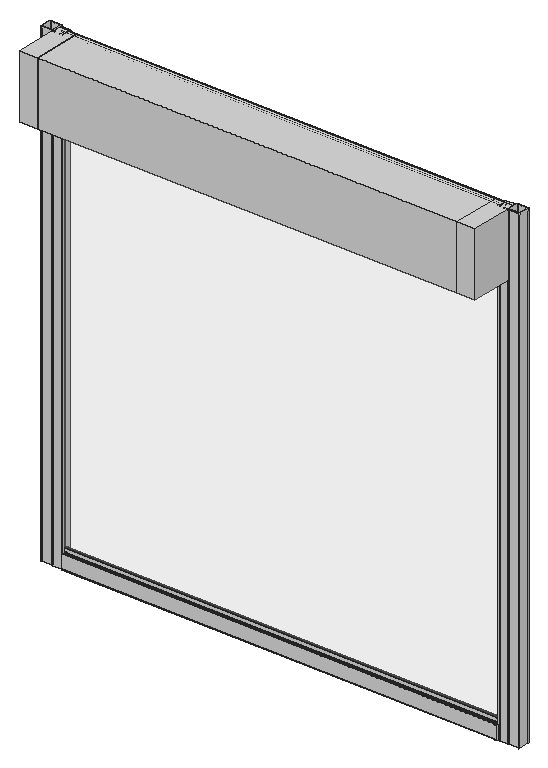
Revit family "Door-Sentry-Gate_BetweenJambMount_Cookson", category Doors, host Wall, Revit 2013
Parameters (values of type "Push-Up Operated, Aluminium (Mill Finish)")
  Revit Object Download Link = "http://cornellcookson.smartbim.com/Door-Sentry-Gate_BetweenJambMount_Cookson"
  Push Up = yes
  Product Options = "SG3 model ESG20, when countertop or compact components are desired. Black or white matte curtain components."  # constant formula
  Operator Width = Width + 0' 1 1/2" * 2  # 10' - 3"
  Mounting = "Between Jambs"  # constant formula
  Motor = no
  Hand Crank = no
  URL Specifications = "http://www.cooksondoor.com/docs/default-source/Specifications/sentrygate-4-specification_k.doc"
  URL Photographs = "www.cooksondoor.com/product/extreme-sentrygate-grille"
  URL CAD = "www.cooksondoor.com/architect-tools-and-resources/drawing-generator?prod=sentrygate"
  URL = "www.cooksondoor.com/product/extreme-sentrygate-grille"
  Subcategory = "Roll Up"  # constant formula
  Sizing Disclaimer = "Openings up to 21’ wide x 10’ high standard construction. Smaller / countertop SentryGate 3 model also available."  # constant formula
  Function = Interior
  Curtain - Rods 2" OC Standard = "Injection molded components with continuous metal rods spaced every two inches."  # constant formula
  Bottom Bar = Aluminum, mill finish (non curtain components)
  Guides = Aluminum, mill finish (non curtain components)
  Hood = Aluminum, mill finish (non curtain components)
  Optional aluminum, color anodized finish = no
  Operator = Operator : Push-UP
  Representatives Disclaimer = "Cookson products are sold and installed through a nationwide network of independent distributors"  # constant formula
  Operation = ""
  From Coil Side Operate on Right = yes
  From Coil Side Operate on Left = not(From Coil Side Operate on Right)  # no
  Model = "ESG21"  # constant formula
  Manufacturer = "CornellCookson,Inc."  # constant formula
  LEED Information = "http://www.cooksondoor.com/architect-tools-and-resources/leed-information"
  Height = 10' - 0"
  Wall Closure = By host
  Width = 10' - 0"
  Distributor Locator = "http://www.cooksondoor.com/find-a-dealer"
  Description = "Grille product with unique, injection molded components and continuous metal rods"  # constant formula
  Wall Construction = "Self supporting tubes, Masonry, Steel or Wood"  # constant formula
  Coil Dimension Note = "11In to 14In - Consult Cookson when dimensions are critical."  # constant formula
  Crank Height = Height / 1.5  # 6' - 8"
  Assembly Code = "B2030410"
  95 CSI = "08330"  # constant formula
  Jamb Dimension Note = "5 1/2In to 6 1/2In wide. Consult Cookson when dimensions are critical."  # constant formula
  04 CSI = "08 33 00"  # constant formula
  Cost Note = "Based on size, materials selected. Consult Cookson"  # constant formula
Types (6): name | Push Up | Motor | Hand Crank | Bottom Bar | Guides | Hood | Operator | From Coil Side Operate on Right | From Coil Side Operate on Left
  Motor Operated, Aluminium (Anodized Finish) | no | yes | no | Aluminum, anodized finish (non-curtain components) | Aluminum, anodized finish (non-curtain components) | Aluminum, anodized finish (non-curtain components) | Operator : Motor Operated | yes | no
  Hand-Crank Operated, Aluminium (Anodized Finish) | no | no | yes | Aluminum, anodized finish (non-curtain components) | Aluminum, anodized finish (non-curtain components) | Aluminum, anodized finish (non-curtain components) | Operator : Hand-Crank | yes | no
  Push-Up Operated, Aluminium (Anodized Finish) | yes | no | no | Aluminum, anodized finish (non-curtain components) | Aluminum, anodized finish (non-curtain components) | Aluminum, anodized finish (non-curtain components) | Operator : Push-UP | yes | no
  Hand-Crank Operated, Aluminium (Mill Finish) | no | no | yes | Aluminum, mill finish (non curtain components) | Aluminum, mill finish (non curtain components) | Aluminum, mill finish (non curtain components) | Operator : Hand-Crank | no | yes
  Motor Operated, Aluminium (Mill Finish) | no | yes | no | Aluminum, mill finish (non curtain components) | Aluminum, mill finish (non curtain components) | Aluminum, mill finish (non curtain components) | Operator : Motor Operated | yes | no
  Push-Up Operated, Aluminium (Mill Finish) | yes | no | no | Aluminum, mill finish (non curtain components) | Aluminum, mill finish (non curtain components) | Aluminum, mill finish (non curtain components) | Operator : Push-UP | yes | no
Reference planes (in)
  plane 1 "Center (Front/Back)": y = 0
  plane 2 "Center (Left/Right)": x = 36
  plane 3 "Left": x = -24
  plane 4 "Right": x = 96
  plane 5 "Top": z = 120
  plane 6 "Wall Edge": y = -4.5
  plane 7: y = -4.5
  plane 8 "Top of Hood": z = 142.35156
  plane 9: z = 125
  plane 10 "Bottom Bar Alignment": y = -11.3765
  plane 11: z = 4.74985
  plane 12: x = -18.86
  plane 13: x = 90.85937
  plane 14: z = 4.75
  plane 15: z = 110.43656
  plane 16: y = -3.8755
  plane 17: z = 102
  plane 18: y = 3.5
Forms (in)
  Extrusion 1, solid, material "Aluminum, mill finish (non curtain components)" <- "Hood"
    sketch origin (0, 21.81732, 245.99245) x (1, 0, 0) y (0, 1, 0)
      loop
        line (-18.5, -19.44232) -> (90.5, -19.44232) -> (90.5, -19.31732) -> (-18.5, -19.31732) -> (-18.5, -19.44232)
    from -143.99245 to -125.99245
  Extrusion 2, solid, material "Aluminum, anodized finish (curtain only)"
    sketch origin (0, 5, 0) x (1, 0, 0) y (0, 1, 0)
      loop
        line (-18.86, -3.56029) -> (-18.86, -4.18529) -> (90.85937, -4.18529) -> (90.85937, -3.56029) -> (-18.86, -3.56029)
    from 4.74985 to 120
  Sweep 3, solid, material "Aluminum, mill finish (non curtain components)" <- "Bottom Bar"
    path origin (0, 0, 0) x (1, 0, 0) y (0, 1, 0)
      loop
        line (-18.5, 0.50171) -> (90.5, 0.50171)
    profile "Profile_BottomBar : Profile_BottomBar" origin (36, 0.50171, 0) x (0, 1, 0) y (0, 0, 1)
      loop
        line (1.24755, 3.5) -> (1.24755, 3.594) -> (1.13855, 3.594) -> (1.13855, 4.484)
        arc (1.13855, 4.484) -> (1.13127, 4.54582) -> (1.10981, 4.60425) r 0.266
        arc (1.10981, 4.60425) -> (1.0677, 4.66476) -> (1.0106, 4.71137) r 0.266
        arc (1.0106, 4.71137) -> (0.96199, 4.73451) -> (0.90972, 4.74739) r 0.266
        arc (0.90972, 4.74739) -> (0.83701, 4.74762) -> (0.76696, 4.72814) r 0.266
        arc (0.76696, 4.72814) -> (0.70918, 4.69392) -> (0.66182, 4.64632) r 0.266
        arc (0.66182, 4.64632) -> (0.62075, 4.56974) -> (0.60655, 4.484) r 0.266
        line (0.60655, 4.484) -> (0.60655, 3.594) -> (0.49755, 3.594) -> (0.49755, 3.5) -> (0.46655, 3.5) -> (0.46655, 3.625) -> (0.57555, 3.625) -> (0.57555, 3.688) -> (0.40355, 3.688)
        arc (0.40355, 3.688) -> (0.35971, 3.66984) -> (0.34155, 3.626) r 0.062
        line (0.34155, 3.626) -> (0.34155, 3.562)
        arc (0.34155, 3.562) -> (0.32339, 3.51816) -> (0.27955, 3.5) r 0.062
        line (0.27955, 3.5) -> (-0.06545, 3.5)
        arc (-0.06545, 3.5) -> (-0.10929, 3.48184) -> (-0.12745, 3.438) r 0.062
        line (-0.12745, 3.438) -> (-0.12745, 0.062)
        arc (-0.12745, 0.062) -> (-0.10929, 0.01816) -> (-0.06545, 0) r 0.062
        line (-0.06545, 0) -> (1.81055, 0)
        arc (1.81055, 0) -> (1.85439, 0.01816) -> (1.87255, 0.062) r 0.062
        line (1.87255, 0.062) -> (1.87255, 3.438)
        arc (1.87255, 3.438) -> (1.85439, 3.48184) -> (1.81055, 3.5) r 0.062
        line (1.81055, 3.5) -> (1.46555, 3.5)
        arc (1.46555, 3.5) -> (1.42171, 3.51816) -> (1.40355, 3.562) r 0.062
        line (1.40355, 3.562) -> (1.40355, 3.626)
        arc (1.40355, 3.626) -> (1.38539, 3.66984) -> (1.34155, 3.688) r 0.062
        line (1.34155, 3.688) -> (1.16955, 3.688) -> (1.16955, 3.625) -> (1.27855, 3.625) -> (1.27855, 3.5) -> (1.24755, 3.5)
Lines and regions (in)
  Opening 1
    outline origin (-90, -4.5, 0) x (1, 0, 0) y (0, 0, 1)
      loop
        line (66, 0) -> (186, 0) -> (186, 120) -> (66, 120) -> (66, 0)
  symbolic lines, style "Roller Chamber"
    curve 1: line (91.5, 0.50171, 0) -> (96, 0.50171, 0)
    curve 2: line (-24, 0.50171, 0) -> (-21, 0.50171, 0)
  symbolic lines, style "Doors"
    curve 3: line (90.85937, 1.43971, 0) -> (-18.86, 1.43971, 0)
    curve 4: line (-18.86, 1.43971, 0) -> (-18.86, 0.81471, 0)
    curve 5: line (-18.86, 0.81471, 0) -> (90.85937, 0.81471, 0)
    curve 6: line (90.85937, 0.81471, 0) -> (90.85937, 1.43971, 0)
    curve 7: line (-18.5, 0.37426, 0) -> (90.5, 0.37426, 0)
    curve 8: line (-18.5, 2.375, 0) -> (-18.5, 1.43971, 0)
    curve 9: line (90.5, 2.375, 0) -> (-18.5, 2.375, 0)
    curve 10: line (90.5, 0.37426, 0) -> (90.5, 0.81471, 0)
    curve 11: line (-18.5, 0.81471, 0) -> (-18.5, 0.37426, 0)
    curve 12: line (90.5, 1.43971, 0) -> (90.5, 2.375, 0)
Text (in)
  text "Exterior" at (-39.96733, 27.31104, 0), in view "Ref. Level"
  text "Interior" at (-39.96733, -25.14366, 0), in view "Ref. Level"
  text "Exterior" at (0, 40.15149, 123.01588), in view "Right"
  text "Interior" at (0, -64.39139, 123.01588), in view "Right"
  text "Interior" at (0, -63.63426, 123.00693), in view "Left"
  text "Exterior" at (0, 54.57065, 123.00693), in view "Left"
Dimensions and locks (in)
  equal spacing: plane 3 "Left", plane 2 "Center (Left/Right)", plane 4 "Right"
  "Height": level to plane 5 "Top"
  locked: plane 7 to plane 6 "Wall Edge"
  locked: plane 9 to plane 5 "Top" at 5
  locked: plane 8 "Top of Hood" to plane 9 at 17.35156
  plane 10 "Bottom Bar Alignment" to plane 7 = 0' - 6.8765"
  locked: level to plane 11 at 4.74985
  locked: plane 3 "Left" to plane 12 at 5.14
  locked: plane 13 to plane 4 "Right" at 5.14063
  locked: level to plane 14 at 4.75
  locked: plane 5 "Top" to plane 15 at 9.56344
  "Width": plane 3 "Left" to plane 4 "Right"
  locked: plane 17 to plane 5 "Top" at 18
  locked: Extrusion 1 sketch curve to Extrusion 1 sketch curve at 0.125
  locked: Extrusion 1 to Extrusion 1 at 0.125
  locked: Extrusion 2 sketch curve to Extrusion 2 sketch curve at 0.625
  plane 1 "Center (Front/Back)" to nested 3 = 0' - 0.50171"
  locked: Extrusion 1 sketch curve to nested 1 at 0.56637
  aligned and locked: plane 3 "Left" to Opening 1 sketch curve
  aligned and locked: plane 5 "Top" to Opening 1 sketch curve  (x2)
  aligned and locked: Opening 1 sketch curve to plane 4 "Right"
  aligned and locked: Opening 1 sketch curve to level
  aligned and locked: plane 6 "Wall Edge" to host wall
  aligned: host wall to curve 1
  aligned and locked: plane 12 to nested 1
  aligned and locked: nested 2 to nested 1
  aligned and locked: nested 2 to plane 4 "Right"
  aligned and locked: plane 4 "Right" to curve 1
  aligned and locked: plane 18 to host wall
  aligned and locked: plane 18 to nested 1
  aligned and locked: Extrusion 2 sketch curve to nested 1
  aligned and locked: plane 12 to Extrusion 2 sketch curve
  aligned and locked: Extrusion 2 sketch curve to plane 13
  aligned and locked: nested 1 to Extrusion 1 sketch curve
  aligned and locked: nested 2 to Extrusion 1 sketch curve
  aligned and locked: nested 3 to curve 2
  aligned and locked: nested 3 to curve 1
  aligned and locked: nested 3 to nested 1
  aligned and locked: nested 3 to Sweep 3 sketch curve
  aligned and locked: Sweep 3 sketch curve to nested 2
  aligned and locked: Sweep 3 sketch curve to nested 1
  aligned and locked: plane 17 to Extrusion 1
  aligned and locked: Extrusion 1 to plane 5 "Top"
  aligned and locked: Extrusion 2 to plane 5 "Top"
  aligned and locked: plane 11 to Extrusion 2
  aligned and locked: nested 1 to level
  aligned and locked: level to nested 2
  aligned and locked: nested 3 to plane 5 "Top"
  aligned and locked: plane 2 "Center (Left/Right)" to nested 3
  aligned and locked: curve 3 to Extrusion 2
  aligned and locked: curve 4 to Extrusion 2
  aligned and locked: curve 5 to Extrusion 2
  aligned and locked: curve 6 to Extrusion 2
  aligned and locked: curve 7 to Sweep 3
  aligned and locked: curve 8 to Sweep 3
  aligned and locked: curve 9 to Extrusion 1
  aligned and locked: curve 10 to Extrusion 1
Automatic sketch dimensions
  curve 5 to plane 12 = 0' - 0"
  curve 5 to plane 13 = 0' - 0"
  curve 2 to plane 3 "Left" = 0' - 0"
  plane 12 to curve 2 = 0' - 2.14"
  curve 7 to curve 6 = 0' - 0.44045"
  curve 5 to curve 6 = 0' - 0 5/8"
  curve 11 to plane 1 "Center (Front/Back)" = 0' - 0.81471"
  curve 11 to plane 12 = 0' - 0.36"
  curve 8 to plane 1 "Center (Front/Back)" = 0' - 1.43971"
  curve 12 to plane 1 "Center (Front/Back)" = 0' - 1.43971"
  curve 12 to plane 13 = 0' - 0 23/64"
  curve 10 to plane 1 "Center (Front/Back)" = 0' - 0.81471"
Nested families (in)
  nested 1: "Jamb_Guide-Wall" at (-21.75, 3.37671, 0), type "Guide"
  nested 2: "Jamb_Guide-Wall" at (93.75, 3.37671, 0) x (-1, 0, 0) z (0, 0, 1), type "Guide"
  nested 3: "Operator" at (36, -6.12329, -7.49623), type <- "Operator", type "Push-UP"
Definition of nested family "Jamb_Guide-Wall"
  Parameters (values of type "Guide")
    Height = 10' - 0"
    Guide = Aluminum, mill finish (non curtain components)
    Assembly Code = ""
  Reference planes (in)
    plane 1 "Center (Front/Back)": y = 0
    plane 2: z = 0
    plane 3 "Center (Left/Right)": x = 0
    plane 4: z = 120
    plane 5: x = -2.25
    plane 6: y = -2.875
    plane 7: x = 3.25
    plane 8: y = -1.4375
  Forms (in)
    Extrusion 1, solid, material "Aluminum, mill finish (non curtain components)" <- "Guide"
      sketch origin (0, 0, 0) x (1, 0, 0) y (0, 1, 0)
        loop
          line (0.75, -2.875) -> (3.125, -2.875) -> (3.25, -2.813) -> (3.25, -2.562) -> (2.75, -2.562) -> (2.75, -2.766) -> (0.938, -2.766) -> (0.938, -1.73335) -> (2.75, -1.73335) -> (2.75, -1.938) -> (3.25, -1.938) -> (3.25, -0.436) -> (3.125, -0.374) -> (0.75, -0.374) -> (0.75, -2.875)
      from 0 to 120
    Extrusion 2, solid, material "Aluminum, mill finish (non curtain components)" <- "Guide"
      sketch origin (0, 0.25, 0) x (-1, 0, 0) y (0, -1, 0)
        loop
          line (-0.50842, 0.12671) -> (2.01014, 0.12671)
          arc (2.01014, 0.12671) -> (2.17975, 0.19697) -> (2.25, 0.36658) r 0.23986
          line (2.25, 0.36658) -> (2.25, 2.88514)
          arc (2.25, 2.88514) -> (2.17975, 3.05475) -> (2.01014, 3.125) r 0.23986
          line (2.01014, 3.125) -> (-0.50842, 3.125)
          arc (-0.50842, 3.125) -> (-0.67803, 3.05475) -> (-0.74829, 2.88514) r 0.23986
          line (-0.74829, 2.88514) -> (-0.74829, 0.36658)
          arc (-0.74829, 0.36658) -> (-0.67803, 0.19697) -> (-0.50842, 0.12671) r 0.23986
        loop
          line (-0.50842, 0.24664) -> (2.01014, 0.24664)
          arc (2.01014, 0.24664) -> (2.09494, 0.28177) -> (2.13007, 0.36658) r 0.11993
          line (2.13007, 0.36658) -> (2.13007, 2.88514)
          arc (2.13007, 2.88514) -> (2.09494, 2.96994) -> (2.01014, 3.00507) r 0.11993
          line (2.01014, 3.00507) -> (-0.50842, 3.00507)
          arc (-0.50842, 3.00507) -> (-0.59323, 2.96994) -> (-0.62836, 2.88514) r 0.11993
          line (-0.62836, 2.88514) -> (-0.62836, 0.36658)
          arc (-0.62836, 0.36658) -> (-0.59323, 0.28177) -> (-0.50842, 0.24664) r 0.11993
      from 0 to 120
  Lines and regions (in)
    Filled region 1, type "GA0363.dwg--6", in view "Ref. Level"
      outline origin (0, 0.25, 0) x (-1, 0, 0) y (0, -1, 0)
        loop
          line (-84.66667, -45.69605) -> (-84.83333, -45.69605) -> (-84.75, -46.19605) -> (-84.66667, -45.69605)
    Filled region 2, type "GA0363.dwg--6", in view "Ref. Level"
      outline origin (0, 0.25, 0) x (-1, 0, 0) y (0, -1, 0)
        loop
          line (-84.66667, -38.69605) -> (-84.75, -38.19605) -> (-84.83333, -38.69605) -> (-84.66667, -38.69605)
    Filled region 3, type "GA0363.dwg--6", in view "Ref. Level"
      outline origin (0, 0.25, 0) x (-1, 0, 0) y (0, -1, 0)
        loop
          line (-104.16667, -36.19605) -> (-104.25, -35.69605) -> (-104.33333, -36.19605) -> (-104.16667, -36.19605)
    Filled region 4, type "GA0363.dwg--6", in view "Ref. Level"
      outline origin (0, 0.25, 0) x (-1, 0, 0) y (0, -1, 0)
        loop
          line (-104.16667, -42.20005) -> (-104.33333, -42.20005) -> (-104.25, -42.70005) -> (-104.16667, -42.20005)
    Filled region 5, type "GA0363.dwg--6", in view "Ref. Level"
      outline origin (0, 0.25, 0) x (-1, 0, 0) y (0, -1, 0)
        loop
          line (-99.75, -49.33333) -> (-99.25, -49.25) -> (-99.75, -49.16667) -> (-99.75, -49.33333)
    Filled region 6, type "GA0363.dwg--6", in view "Ref. Level"
      outline origin (0, 0.25, 0) x (-1, 0, 0) y (0, -1, 0)
        loop
          line (-110.75, -49.33333) -> (-110.75, -49.16667) -> (-111.25, -49.25) -> (-110.75, -49.33333)
    Filled region 7, type "GA0363.dwg--6", in view "Ref. Level"
      outline origin (0, 0.25, 0) x (-1, 0, 0) y (0, -1, 0)
        loop
          line (-113.66667, -36.19605) -> (-113.75, -35.69605) -> (-113.83333, -36.19605) -> (-113.66667, -36.19605)
    Filled region 8, type "GA0363.dwg--6", in view "Ref. Level"
      outline origin (0, 0.25, 0) x (-1, 0, 0) y (0, -1, 0)
        loop
          line (-113.66667, -47.19605) -> (-113.83333, -47.19605) -> (-113.75, -47.69605) -> (-113.66667, -47.19605)
    Filled region 9, type "GA0363.dwg--6", in view "Ref. Level"
      outline origin (0, 0.25, 0) x (-1, 0, 0) y (0, -1, 0)
        loop
          line (-99.25, -32.19605) -> (-99.62924, -31.85972) -> (-99.71782, -32.00089) -> (-99.25, -32.19605)
    symbolic lines
      curve 1: line (1.02, -0.499, 0) -> (0.938, -0.499, 0)
      curve 2: line (0.938, -0.499, 0) -> (0.938, -0.624, 0)
      curve 3: line (0.938, -0.624, 0) -> (0.87494, -0.624, 0)
      curve 4: line (0.87494, -0.624, 0) -> (0.87494, -1.50007, 0)
      curve 5: arc (0.87494, -1.50007, 0) -> (0.91158, -1.58852, 0) -> (1.00003, -1.62516, 0) r 0.12509
      curve 6: line (1.00003, -1.62516, 0) -> (2.93794, -1.62516, 0)
      curve 7: arc (2.93794, -1.62516, 0) -> (2.98191, -1.64337, 0) -> (3.00012, -1.68735, 0) r 0.06219
      curve 8: line (3.00012, -1.68735, 0) -> (3.125, -1.68735, 0)
      curve 9: line (3.125, -1.68735, 0) -> (3.125, -1.62435, 0)
      curve 10: line (3.125, -1.62435, 0) -> (3.25, -1.68735, 0)
      curve 11: arc (3.2035, -1.66391, 0) -> (3.2345, -1.66391, 0) -> (3.25, -1.63706, 0) r 0.031
      curve 12: line (3.063, -1.6657, 0) -> (3.125, -1.6657, 0)
      curve 13: line (3.063, -1.56201, 0) -> (3.063, -1.6657, 0)
      curve 14: arc (3.1095, -1.53516, 0) -> (3.0785, -1.53516, 0) -> (3.063, -1.56201, 0) r 0.031
      curve 15: line (3.1415, -1.55364, 0) -> (3.1095, -1.53516, 0)
      curve 16: arc (3.188, -1.52679, 0) -> (3.1725, -1.55364, 0) -> (3.1415, -1.55364, 0) r 0.031
      curve 17: line (3.188, -0.4738, 0) -> (3.188, -1.52679, 0)
      curve 18: line (3.11047, -0.43535, 0) -> (3.188, -0.4738, 0)
      curve 19: line (3.188, -1.87535, 0) -> (3.188, -1.81035, 0)
      curve 20: line (3.188, -1.81035, 0) -> (2.812, -1.81035, 0)
      curve 21: line (2.812, -1.81035, 0) -> (2.812, -1.87535, 0)
      curve 22: line (2.812, -1.87535, 0) -> (2.89, -1.87535, 0)
      curve 23: line (2.89, -1.87535, 0) -> (2.89, -1.938, 0)
      curve 24: line (2.89, -1.938, 0) -> (2.75, -1.938, 0)
      curve 25: line (2.75, -1.938, 0) -> (2.75, -1.73335, 0)
      curve 26: line (2.75, -1.73335, 0) -> (0.938, -1.73335, 0)
      curve 27: line (0.938, -1.73335, 0) -> (0.938, -2.766, 0)
      curve 28: line (0.938, -2.766, 0) -> (2.75, -2.766, 0)
      curve 29: line (2.75, -2.766, 0) -> (2.75, -2.562, 0)
      curve 30: line (2.75, -2.562, 0) -> (2.89, -2.562, 0)
      curve 31: line (2.89, -2.562, 0) -> (2.89, -2.62335, 0)
      curve 32: line (2.89, -2.62335, 0) -> (2.812, -2.62335, 0)
      curve 33: line (2.812, -2.62335, 0) -> (2.812, -2.68835, 0)
      curve 34: line (2.812, -2.68835, 0) -> (2.89, -2.68835, 0)
      curve 35: line (2.89, -2.68835, 0) -> (2.89, -2.76535, 0)
      curve 36: line (2.89, -2.76535, 0) -> (3.11, -2.76535, 0)
      curve 37: line (3.11, -2.76535, 0) -> (3.11, -2.68835, 0)
      curve 38: line (3.11, -2.68835, 0) -> (3.188, -2.68835, 0)
      curve 39: line (3.188, -2.68835, 0) -> (3.188, -2.62335, 0)
      curve 40: line (3.188, -2.62335, 0) -> (3.11, -2.62335, 0)
      curve 41: line (3.11, -2.62335, 0) -> (3.11, -2.562, 0)
      curve 42: line (3.11, -1.87535, 0) -> (3.188, -1.87535, 0)
      curve 43: line (1.02, -0.51135, 0) -> (0.958, -0.51135, 0)
      curve 44: line (0.958, -0.51135, 0) -> (0.958, -0.56135, 0)
      curve 45: arc (0.958, -0.56135, 0) -> (0.98749, -0.61414, 0) -> (1.0479, -0.61671, 0) r 0.062
      curve 46: line (1.0479, -0.61671, 0) -> (1.1729, -0.55371, 0)
      curve 47: arc (1.1729, -0.55371, 0) -> (1.19779, -0.53086, 0) -> (1.207, -0.49835, 0) r 0.062
      curve 48: line (1.145, -0.49835, 0) -> (1.02, -0.56135, 0)
      curve 49: line (1.145, -0.374, 0) -> (1.145, -0.49835, 0)
      curve 50: line (1.207, -0.49835, 0) -> (1.207, -0.43535, 0)
      curve 51: line (1.207, -0.43535, 0) -> (3.11047, -0.43535, 0)
      curve 52: line (3.11, -1.938, 0) -> (3.11, -1.87535, 0)
      curve 53: line (1.02, -0.56135, 0) -> (1.02, -0.499, 0)
    symbolic lines, style "GenericModel"
      curve 54: line (0.50842, -2.75507, 0) -> (-2.01014, -2.75507, 0)
      curve 55: arc (-2.01014, -2.75507, 0) -> (-2.09494, -2.71994, 0) -> (-2.13007, -2.63514, 0) r 0.11993
      curve 56: line (-2.13007, -2.63514, 0) -> (-2.13007, -0.11658, 0)
      curve 57: arc (0.62836, -2.63514, 0) -> (0.59323, -2.71994, 0) -> (0.50842, -2.75507, 0) r 0.11993
      curve 58: line (0.62836, -0.11658, 0) -> (0.62836, -2.63514, 0)
      curve 59: arc (0.50842, 0.00336, 0) -> (0.59323, -0.03177, 0) -> (0.62836, -0.11658, 0) r 0.11993
      curve 60: line (-2.01014, 0.00336, 0) -> (0.50842, 0.00336, 0)
      curve 61: arc (-2.13007, -0.11658, 0) -> (-2.09494, -0.03177, 0) -> (-2.01014, 0.00336, 0) r 0.11993
      curve 62: arc (-2.01014, 0.12329, 0) -> (-2.17975, 0.05303, 0) -> (-2.25, -0.11658, 0) r 0.23986
      curve 63: line (0.50842, 0.12329, 0) -> (-2.01014, 0.12329, 0)
      curve 64: arc (0.74829, -0.11658, 0) -> (0.67803, 0.05303, 0) -> (0.50842, 0.12329, 0) r 0.23986
      curve 65: line (-2.25, -0.11658, 0) -> (-2.25, -2.63514, 0)
      curve 66: arc (-2.25, -2.63514, 0) -> (-2.17975, -2.80475, 0) -> (-2.01014, -2.875, 0) r 0.23986
      curve 67: line (-2.01014, -2.875, 0) -> (0.50842, -2.875, 0)
      curve 68: arc (0.50842, -2.875, 0) -> (0.67803, -2.80475, 0) -> (0.74829, -2.63514, 0) r 0.23986
      curve 69: line (0.74829, -2.63514, 0) -> (0.74829, -0.11658, 0)
      curve 70: line (0.75, -0.374, 0) -> (0.75, -2.875, 0)
      curve 71: line (3.125, -0.374, 0) -> (0.75, -0.374, 0)
      curve 72: line (3.25, -0.436, 0) -> (3.125, -0.374, 0)
      curve 73: line (3.25, -1.938, 0) -> (3.25, -0.436, 0)
      curve 74: line (2.75, -1.938, 0) -> (3.25, -1.938, 0)
      curve 75: line (2.75, -1.73335, 0) -> (2.75, -1.938, 0)
      curve 76: line (3.25, -2.562, 0) -> (2.75, -2.562, 0)
      curve 77: line (3.25, -2.813, 0) -> (3.25, -2.562, 0)
      curve 78: line (3.125, -2.875, 0) -> (3.25, -2.813, 0)
      curve 79: line (0.75, -2.875, 0) -> (3.125, -2.875, 0)
  Dimensions and locks (in)
    "Height": plane 4 to plane 2
    equal spacing: plane 6, plane 8, plane 1 "Center (Front/Back)"
    plane 5 to plane 3 "Center (Left/Right)" to plane 7 = 0' - 2 1/4" locked, 0' - 3 1/4" locked
    aligned and locked: plane 2 to level
    aligned and locked: plane 4 to Extrusion 1
    aligned and locked: plane 4 to Extrusion 2
    aligned: plane 5 to Extrusion 2
    aligned: plane 6 to Extrusion 2
    aligned and locked: plane 7 to Extrusion 1
    aligned and locked: curve 24 to Extrusion 1
    aligned and locked: curve 30 to Extrusion 1
    aligned and locked: curve 28 to Extrusion 1
    aligned and locked: Extrusion 1 to curve 26
    aligned and locked: Extrusion 2 sketch curve to plane 5
    aligned and locked: plane 6 to Extrusion 2
    aligned and locked: curve 54 to Extrusion 2
    aligned and locked: curve 55 to Extrusion 2
    aligned and locked: curve 56 to Extrusion 2
    aligned and locked: curve 57 to Extrusion 2
    aligned and locked: curve 58 to Extrusion 2
    aligned and locked: curve 59 to Extrusion 2
    aligned and locked: curve 60 to Extrusion 2
    aligned and locked: curve 61 to Extrusion 2
    aligned and locked: curve 62 to Extrusion 2
    aligned and locked: curve 63 to Extrusion 2
    aligned and locked: curve 64 to Extrusion 2
    aligned and locked: curve 65 to Extrusion 2
    aligned and locked: curve 66 to Extrusion 2
    aligned and locked: curve 67 to Extrusion 2
    aligned and locked: curve 68 to Extrusion 2
    aligned and locked: curve 69 to Extrusion 2
    aligned and locked: curve 70 to Extrusion 1
    aligned and locked: curve 71 to Extrusion 1
    aligned and locked: curve 72 to Extrusion 1
    aligned and locked: curve 73 to Extrusion 1
    aligned and locked: curve 74 to Extrusion 1
    aligned and locked: curve 75 to Extrusion 1
    aligned and locked: curve 76 to Extrusion 1
    aligned and locked: curve 77 to Extrusion 1
    aligned and locked: curve 78 to Extrusion 1
    aligned and locked: curve 79 to Extrusion 1
  Automatic sketch dimensions
    curve 11 to curve 11 = 0' - 0.031"
    curve 11 to curve 11 = 0' - 0.0155"
    curve 39 to plane 7 = 0' - 0.062"
    curve 42 to plane 7 = 0' - 0.062"
    curve 18 to plane 7 = 0' - 0.062"
    curve 16 to curve 16 = 0' - 0.031"
    curve 16 to curve 16 = 0' - 0.0155"
    curve 9 to curve 16 = 0' - 0.0165"
    curve 38 to curve 38 = 0' - 0.078"
    curve 41 to curve 37 = 0' - 0"
    curve 52 to curve 19 = 0' - 0.078"
    curve 14 to curve 16 = 0' - 0.032"
    curve 14 to curve 14 = 0' - 0.0155"
    curve 14 to curve 14 = 0' - 0.031"
    curve 8 to curve 12 = 0' - 0.06288"
    curve 7 to curve 7 = 0' - 0.06219"
    curve 30 to curve 41 = 0' - 0.22"
    curve 34 to curve 31 = 0' - 0"
    curve 22 to curve 7 = 0' - 0.04794"
    curve 33 to curve 34 = 0' - 0.078"
    curve 28 to curve 33 = 0' - 0.062"
    curve 26 to curve 20 = 0' - 0.062"
    plane 3 "Center (Left/Right)" to curve 47 = 0' - 1.207"
    curve 47 to curve 47 = 0' - 0.0341"
    plane 1 "Center (Front/Back)" to curve 48 = 0' - 0.49835"
    curve 48 to curve 46 = 0' - 0.0279"
    curve 47 to curve 48 = 0' - 0"
    curve 45 to curve 47 = 0' - 0 1/8"
    curve 53 to curve 46 = 0' - 0.0279"
    curve 45 to curve 48 = 0' - 0"
    plane 8 to curve 5 = 0' - 0.06257"
    curve 5 to curve 45 = 0' - 0.04788"
    curve 44 to curve 43 = 0' - 0.062"
    curve 27 to curve 6 = 0' - 0.06203"
    curve 3 to curve 45 = 0' - 0.02"
    curve 5 to curve 5 = 0' - 0.12509"
    curve 36 to curve 38 = 0' - 0.077"
    curve 35 to curve 34 = 0' - 0.077"
    curve 38 to curve 40 = 0' - 0.065"
    curve 33 to curve 33 = 0' - 0.065"
    curve 40 to curve 41 = 0' - 0.06135"
    curve 24 to curve 22 = 0' - 0.06265"
    curve 52 to curve 42 = 0' - 0.06265"
    curve 19 to curve 20 = 0' - 0.065"
    curve 8 to curve 10 = 0' - 0"
    curve 8 to curve 13 = 0' - 0.02164"
    curve 10 to curve 11 = 0' - 0 3/128"
    curve 9 to curve 14 = 0' - 0.06234"
    curve 15 to curve 14 = 0' - 0.01848"
    curve 2 to curve 47 = 0' - 0.12565"
    curve 2 to curve 46 = 0' - 0.00729"
    curve 48 to curve 45 = 0' - 0"
    curve 45 to curve 43 = 0' - 0.05"
    curve 43 to curve 2 = 0' - 0.01235"
    curve 17 to curve 51 = 0' - 0.03846"
    curve 50 to curve 49 = 0' - 0.06135"
    plane 6 to Extrusion 1 sketch curve = 0' - 0"
    Extrusion 1 sketch curve to plane 7 = 0' - 0"  (x2)
    Extrusion 1 sketch curve to plane 7 = 0' - 0 1/8"  (x2)
    Extrusion 1 sketch curve to plane 6 = 0' - 0.109"
    Extrusion 1 sketch curve to Extrusion 1 sketch curve = 0' - 0 3/8"
    Extrusion 1 sketch curve to plane 7 = 0' - 0 1/2"
    plane 8 to Extrusion 1 sketch curve = 0' - 0.29585"
    plane 3 "Center (Left/Right)" to Extrusion 1 sketch curve = 0' - 0.938"
    Extrusion 1 sketch curve to Extrusion 1 sketch curve = 0' - 0.188"
    Extrusion 1 sketch curve to plane 6 = 0' - 0.062"
    Extrusion 1 sketch curve to Extrusion 1 sketch curve = 0' - 0.204"
    plane 8 to Extrusion 1 sketch curve = 0' - 0.5005"
    plane 1 "Center (Front/Back)" to Extrusion 1 sketch curve = 0' - 0.436"
    plane 1 "Center (Front/Back)" to Extrusion 1 sketch curve = 0' - 0.374"
    plane 7 to Filled region 1 sketch curve = 6' - 9.58333"
    Filled region 1 sketch curve to Filled region 1 sketch curve = 0' - 0"  (x6)
    Filled region 1 sketch curve to Filled region 1 sketch curve = 0' - 0.08333"
    Filled region 1 sketch curve to Filled region 1 sketch curve = 0' - 0.16667"
    Filled region 1 sketch curve to plane 1 "Center (Front/Back)" = 3' - 10.44605"
    Filled region 1 sketch curve to Filled region 1 sketch curve = 0' - 0 1/2"
    Filled region 2 sketch curve to plane 1 "Center (Front/Back)" = 3' - 2.94605"  (x3)
    plane 7 to Filled region 2 sketch curve = 6' - 9.58333"
    Filled region 2 sketch curve to Filled region 2 sketch curve = 0' - 0"  (x3)
    Filled region 2 sketch curve to plane 1 "Center (Front/Back)" = 3' - 2.44605"  (x2)
    Filled region 2 sketch curve to Filled region 2 sketch curve = 0' - 0.08333"
    Filled region 2 sketch curve to Filled region 2 sketch curve = 0' - 0.16667"
    Filled region 3 sketch curve to plane 1 "Center (Front/Back)" = 3' - 0.44605"  (x3)
    plane 7 to Filled region 3 sketch curve = 8' - 5.08333"
    Filled region 3 sketch curve to Filled region 3 sketch curve = 0' - 0"  (x3)
    Filled region 3 sketch curve to plane 1 "Center (Front/Back)" = 2' - 11.94605"  (x2)
    Filled region 3 sketch curve to Filled region 3 sketch curve = 0' - 0.08333"
    Filled region 3 sketch curve to Filled region 3 sketch curve = 0' - 0.16667"
    Filled region 4 sketch curve to plane 1 "Center (Front/Back)" = 3' - 6.45005"  (x3)
    plane 7 to Filled region 4 sketch curve = 8' - 5.08333"
    Filled region 4 sketch curve to Filled region 4 sketch curve = 0' - 0"  (x3)
    Filled region 4 sketch curve to plane 1 "Center (Front/Back)" = 3' - 6.95005"  (x2)
    Filled region 4 sketch curve to Filled region 4 sketch curve = 0' - 0.08333"
    Filled region 4 sketch curve to Filled region 4 sketch curve = 0' - 0.16667"
    plane 7 to Filled region 5 sketch curve = 8' - 0 1/2"
    Filled region 5 sketch curve to Filled region 5 sketch curve = 0' - 0"  (x6)
    Filled region 5 sketch curve to Filled region 5 sketch curve = 0' - 0 1/2"
    Filled region 5 sketch curve to plane 1 "Center (Front/Back)" = 4' - 1.58333"
    Filled region 5 sketch curve to Filled region 5 sketch curve = 0' - 0.08333"
    Filled region 5 sketch curve to Filled region 5 sketch curve = 0' - 0.16667"
    Filled region 6 sketch curve to plane 1 "Center (Front/Back)" = 4' - 1 1/2"  (x2)
    plane 7 to Filled region 6 sketch curve = 9' - 0"
    Filled region 6 sketch curve to Filled region 6 sketch curve = 0' - 0"  (x5)
    Filled region 6 sketch curve to plane 1 "Center (Front/Back)" = 4' - 1.41667"
    Filled region 6 sketch curve to Filled region 6 sketch curve = 0' - 0 1/2"
    Filled region 6 sketch curve to plane 1 "Center (Front/Back)" = 4' - 1.58333"
    Filled region 7 sketch curve to plane 1 "Center (Front/Back)" = 3' - 0.44605"  (x3)
    plane 7 to Filled region 7 sketch curve = 9' - 2.58333"
    Filled region 7 sketch curve to Filled region 7 sketch curve = 0' - 0"  (x3)
    Filled region 7 sketch curve to plane 1 "Center (Front/Back)" = 2' - 11.94605"  (x2)
    Filled region 7 sketch curve to Filled region 7 sketch curve = 0' - 0.08333"
    Filled region 7 sketch curve to Filled region 7 sketch curve = 0' - 0.16667"
    Filled region 8 sketch curve to plane 1 "Center (Front/Back)" = 3' - 11.44605"  (x3)
    plane 7 to Filled region 8 sketch curve = 9' - 2.58333"
    Filled region 8 sketch curve to Filled region 8 sketch curve = 0' - 0"  (x3)
    Filled region 8 sketch curve to plane 1 "Center (Front/Back)" = 3' - 11.94605"  (x2)
    Filled region 8 sketch curve to Filled region 8 sketch curve = 0' - 0.08333"
    Filled region 8 sketch curve to Filled region 8 sketch curve = 0' - 0.16667"
    Filled region 9 sketch curve to plane 1 "Center (Front/Back)" = 2' - 8.25089"  (x2)
    plane 7 to Filled region 9 sketch curve = 8' - 0.46782"
    Filled region 9 sketch curve to Filled region 9 sketch curve = 0' - 0"  (x3)
    Filled region 9 sketch curve to plane 1 "Center (Front/Back)" = 2' - 8.10972"  (x2)
    Filled region 9 sketch curve to Filled region 9 sketch curve = 0' - 0.08858"
    Filled region 9 sketch curve to plane 1 "Center (Front/Back)" = 2' - 8.44605"  (x2)
    Filled region 9 sketch curve to Filled region 9 sketch curve = 0' - 0.46782"
    Extrusion 2 sketch curve to Extrusion 2 sketch curve = 0' - 0"  (x7)
    plane 6 to Extrusion 2 sketch curve = 0' - 0"
    plane 5 to Extrusion 2 sketch curve = 0' - 0.11993"
    Extrusion 2 sketch curve to Extrusion 2 sketch curve = 0' - 0.11993"  (x2)
    Extrusion 2 sketch curve to plane 1 "Center (Front/Back)" = 0' - 0.00336"
    plane 3 "Center (Left/Right)" to Extrusion 2 sketch curve = 0' - 0.50842"  (x2)
    plane 1 "Center (Front/Back)" to Extrusion 2 sketch curve = 0' - 0.11658"
    curve 54 to plane 6 = 0' - 0.11993"
    plane 5 to curve 54 = 0' - 0.23986"
    curve 55 to curve 55 = 0' - 0.11993"
    curve 54 to curve 27 = 0' - 0.42958"
    plane 1 "Center (Front/Back)" to curve 56 = 0' - 0.11658"
    curve 57 to curve 57 = 0' - 0.11993"
    plane 1 "Center (Front/Back)" to curve 58 = 0' - 0.11658"
    curve 59 to plane 1 "Center (Front/Back)" = 0' - 0.00336"
    curve 61 to curve 62 = 0' - 0"
    curve 63 to plane 1 "Center (Front/Back)" = 0' - 0.12329"
    curve 63 to curve 60 = 0' - 0"
    curve 59 to curve 64 = 0' - 0"
    curve 65 to curve 55 = 0' - 0"
    curve 55 to curve 66 = 0' - 0"
    curve 67 to curve 54 = 0' - 0"
    curve 57 to curve 68 = 0' - 0"
    curve 1 to curve 70 = 0' - 0 1/8"
    curve 18 to curve 71 = 0' - 0.01453"
Definition of nested family "Operator"
  Parameters (values of type "Motor Operated")
    Width = 10' - 3"
    Roller Chamber = Aluminum, anodized finish (non-curtain components)
    Right Motor Visible = not(Motor)  # yes
    Right = yes
    Pull = no
    Operator Height = Height / 1.5  # 6' - 8"
    Motor = no
    Line = no
    Left Motor Visible = not(Motor)  # yes
    Left = no
    Hood Visibility = no
    Height = 10' - 0"
    Hand Crank = no
    Assembly Code = ""
  Types (3): name | Pull | Line | Left | Hood Visibility
    Hand-Crank | no | yes | no | yes
    Push-UP | yes | yes | yes | yes
    Motor Operated | no | no | no | no
  Reference planes (in)
    plane 1 "Center (Front/Back)": y = 0
    plane 2: z = 0
    plane 3 "Center (Left/Right)": x = 0
    plane 4: x = -61.5
    plane 5: x = 61.5
    plane 6: z = 120
    plane 7: y = 8.5
    plane 8: z = 111.49623
    plane 9: x = -42.75
    plane 10: x = 42.75
    plane 11: y = -27.30859
    plane 12: y = -12
    plane 13: y = 6.625
    plane 14: x = -57
    plane 15: x = 57
    plane 16: y = 6.625
  Forms (in)
    Sweep 1, solid, material "Aluminum, anodized finish (non-curtain components)" <- "Roller Chamber"
      path origin (-42.75, -180, 111.49623) x (0, -1, 0) y (1, 0, 0)
        loop
          line (-188.5, -14.25) -> (-188.5, 99.75)
      profile "Profile_Hood : Profile_Hood" origin (0, 8.5, 111.49623) x (0, 1, 0) y (0, 0, 1)
        loop
          line (0, 16) -> (-12, 16) -> (-12, 0) -> (0, 0) -> (0, 16)
  Lines and regions (in)
    symbolic lines, style "Dashed Line"
      curve 1: line (-57, 6.625, 0) -> (-57, -3.5, 0)
      curve 3: line (57, -3.5, 0) -> (57, 6.625, 0)
    symbolic lines, style "Dashed Line", visible <- "Right"
      curve 2: line (-57, -3.5, 0) -> (36, -3.5, 0)
    symbolic lines, style "Dashed Line", visible <- "Left"
      curve 4: line (-36, -3.5, 0) -> (57, -3.5, 0)
    symbolic lines, style "Dashed Line", visible <- "Line"
      curve 5: line (-57, -3.5, 0) -> (57, -3.5, 0)
    symbolic lines, style "GenericModelHiddenLines", visible <- "Right Motor Visible"
      curve 6: line (36, -3.5, 0) -> (57, -3.5, 0)
    symbolic lines, style "GenericModelHiddenLines", visible <- "Left Motor Visible"
      curve 7: line (-57, -3.5, 0) -> (-36, -3.5, 0)
  Dimensions and locks (in)
    equal spacing: plane 4, plane 3 "Center (Left/Right)", plane 5
    "Width": plane 4 to plane 5
    "Height": plane 6 to level
    locked: plane 7 to plane 1 "Center (Front/Back)" at 8.5
    locked: plane 6 to plane 8 at 8.50377
    locked: plane 7 to plane 11 at 35.80859
    locked: plane 7 to plane 13 at 1.875
    locked: plane 15 to plane 5 at 4.5
    locked: plane 4 to plane 14 at 4.5
    locked: plane 7 to curve 1 at 1.875
    locked: plane 7 to curve 3 at 1.875
    locked: plane 16 to Sweep 1 at 1.875
    Sweep 1 to Sweep 1 = 1' - 4"
    aligned and locked: nested 2 to plane 6
    aligned and locked: plane 7 to Sweep 1 sketch curve
    aligned and locked: Sweep 1 to nested 1  (x2)
    aligned and locked: plane 6 to nested 1
    aligned and locked: plane 14 to Sweep 1 sketch curve
    aligned and locked: plane 15 to Sweep 1 sketch curve
    aligned and locked: nested 2 to plane 14
    aligned and locked: nested 2 to curve 2
    aligned and locked: curve 1 to plane 14
    aligned and locked: nested 2 to curve 4
    aligned and locked: curve 4 to nested 1
    aligned and locked: plane 14 to curve 5
    aligned and locked: plane 15 to curve 5
    aligned and locked: nested 1 to curve 6
    aligned and locked: Sweep 1 to nested 2
  Nested families (in)
    nested 1: "Pull-Down-Pole" at (62.875, 0.99148, 40), visible <- "Right", type "Pull"
      with Motor no, Hood Visibility no, Hand Crank no
    nested 2: "Pull-Down-Pole" at (-62.875, 0.99148, 40) x (-1, 0, 0) z (0, 0, 1), visible <- "Left", type "Pull"
      with Motor no, Hood Visibility no, Hand Crank no
